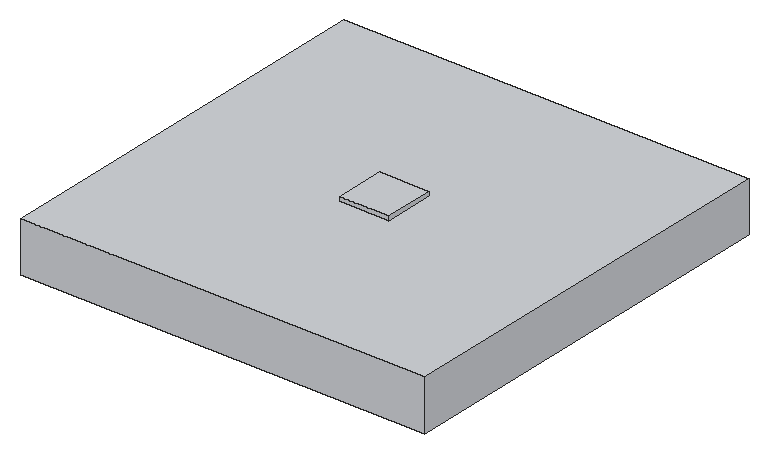
Revit family "M_Conector de duto retangular - Ar de fornecimento - Terminal de ar", category Terminais de ar, Revit 2019
Family settings
  Hospedeiro = Face
  Cota do conector redondo = Utilizar diâmetro
  Tipo de parte = Normal
  Número OmniClass = 23.75.70.21.27
  Título OmniClass = Air Outlets and Inlets
  ID de item do Seek = Rectangular Duct Connector - Supply Air - Air Terminal-0000-CAN-ENU
  Corte com vazios quando carregada = Não
  Compartilhado = Não
  Ponto de cálculo do ambiente = Não
Parameters (values of type "Padrão")
  Largura = 300 mm
  SetaAcimaVisível [instance] = yes
  Espessura = 25 mm
  SetaDireitaVisível [instance] = yes
  SetaEsquerdaVisível [instance] = yes
  Altura = 300 mm
  Fluxo [instance] = 47.19 L/s
  Default Elevation = 0 mm
  SetaInferiorVisível [instance] = yes
  Assembly Code = ""
  Deslocamento da seta = 355.6 mm
Reference planes
  plane 1 "Centro (Frente/Trás)": y = 0
  plane 2: z = 0
  plane 3 "Centro (Esquerda/Direita)": x = 0
Forms (mm)
  Extrusion 1, solid
    sketch origin (0, 0, 0) x (1, 0, 0) y (0, 1, 0)
      loop
        line (-1219.2, 1219.2) -> (-1219.2, -1219.2) -> (1219.2, -1219.2) -> (1219.2, 1219.2) -> (-1219.2, 1219.2)
    from 0 to -304.8
  Sweep 2, solid
    path in 3D
      loop
        line (0, 0, 0) -> (0, 0, 25)
    profile "M_Duto - Retangular : Duto - Retangular" origin (0, 0, 12.5) x (0, -1, 0) y (1, 0, 0)
      loop
        line (-150, 150) -> (-150, -150) -> (150, -150) -> (150, 150) -> (-150, 150)
Lines and regions (mm)
  reference lines
    curve 1: line (0, 0, 0) -> (0, 0, 25)
  sketch lines
    curve 2: line (0, 0, 0) -> (0, 0, 25)
Dimensions and locks
  "Espessura": curve 1 to curve 1
  "Deslocamento da seta": plane 3 "Centro (Esquerda/Direita)" to nested 1
  "Deslocamento da seta": nested 2 to plane 1 "Centro (Frente/Trás)"
  "Deslocamento da seta": nested 3 to plane 3 "Centro (Esquerda/Direita)"
  "Deslocamento da seta": nested 4 to plane 1 "Centro (Frente/Trás)"
  aligned and locked: plane 2 to Extrusion 1
  aligned and locked: level to Extrusion 1
  aligned and locked: Extrusion 1 to curve 1
  aligned and locked: curve 1 to plane 1 "Centro (Frente/Trás)"
  aligned and locked: plane 1 "Centro (Frente/Trás)" to nested 1
  aligned and locked: nested 2 to plane 3 "Centro (Esquerda/Direita)"
  aligned and locked: nested 3 to plane 1 "Centro (Frente/Trás)"
  aligned and locked: plane 3 "Centro (Esquerda/Direita)" to nested 4
Automatic sketch dimensions
  Extrusion 1 sketch curve to Extrusion 1 sketch curve = 2438.4 mm  (x2)
Nested families
  nested 1: "M_Seta do terminal do duto" at (355.6, 0, 0), visible <- "SetaDireitaVisível", type "Seta do terminal do duto"
  nested 2: "M_Seta do terminal do duto" at (0, -355.6, 0) x (0, -1, 0) z (0, 0, 1), visible <- "SetaInferiorVisível", type "Seta do terminal do duto"
  nested 3: "M_Seta do terminal do duto" at (-355.6, 0, 0) x (-1, 0, 0) z (0, 0, 1), visible <- "SetaEsquerdaVisível", type "Seta do terminal do duto"
  nested 4: "M_Seta do terminal do duto" at (0, 355.6, 0) x (0, 1, 0) z (0, 0, 1), visible <- "SetaAcimaVisível", type "Seta do terminal do duto"
Connectors
  hvac at (0, 0, 25), driven by "Altura", driven by "Largura", driven by "Fluxo"
    settings: on Sweep 2, index 1, duct flow 47.19 L/s, flow factor 0, pres drop 0.0 Pa, loss coef 0, conn angle 0.00°, conn width 300 mm, conn height 300 mm, conn diameter 609.6 mm, duct sys type 1, conn prof type 1, flow config 1, flow direction 1, loss method 0, conn ref index -1, conn util no, is conn primary yes, conn desc ""
Definition of nested family "M_Seta do terminal do duto"
  Reference planes
    plane 1: y = 0
    plane 2: x = 0
  Lines and regions (mm)
    Filled region 1, type "Preto sólido"
      outline origin (-19.05, 0, 0) x (1, 0, 0) y (0, 1, 0)
        loop
          line (25.4, 0) -> (22.225, 1.156) -> (22.225, -1.156) -> (25.4, 0)
    detail lines
      curve 1: line (0, 0, 0) -> (6.35, 0, 0)
  Dimensions and locks
    aligned and locked: plane 2 to curve 1
